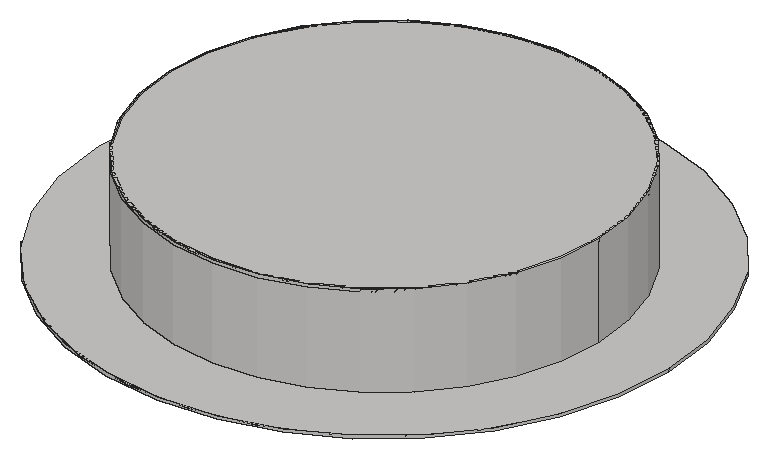
Revit family "Cover_Downspout-Zurn-Z199-DC", category Plumbing Fixtures, host Face, Revit 2022
Family settings
  Host = Face
  Round Connector Dimension = Use Diameter
  Part Type = Normal
  OmniClass Number = 23.45.55.21
  OmniClass Title = Drains (Wastes)
  Cut with Voids When Loaded = No
  Maintain Annotation Orientation = No
  Shared = No
  Room Calculation Point = No
Parameters (values of type "Load Family Type catalog")
  Waste Connection = yes
  Vent Connection = no
  URL = "www.zurn.com"
  Type Comments = "10 Inch Pipe Size"
  Product data url = "https://bimobject.com/zurnindustries/product/zurn-z199-dc"
  Product Page URL = "http://www.zurn.com/products/building-drainage/roof-drains/downspouts/z199-dc"
  Product Installation Sheet URL = "https://www.zurn.com/media-library/web_documents/pdfs/installation/rd47-pdf"
  Product Documentation Link = "https://www.zurn.com/media-library/web_documents/pdfs/specsheets/67382-pdf"
  Pipe Outlet Diameter = 0' - 10"
  Modified Date = "12/20/24"  # constant formula
  Model = "Z199-DC"  # constant formula
  Material secondary = ""
  Material main = "Stainless steel"
  Manufacurer Brand = "Zurn"  # constant formula
  Manufacturer = "Zurn Industries, LLC"  # constant formula
  HW Connection = no
  Frame = Steel - Zurn Industries, LLC - Stainless Type 304
  Description = "Downspout Cover"  # constant formula
  Default Elevation = 0' - 0"
  Date Created = "12/20/24"  # constant formula
  Cover OD = C Dimension + 0' 0.075"  # 0' - 11.325"
  D Dimension = 1' - 3"
  Flange ID = 0' - 11 1/4"
  C Dimension = 0' - 11 1/4"
  Cover = Steel - Zurn Industries, LLC - Stainless Type 304
  CW Connection = no
  Assembly Code = "D2040300"
Reference planes (in)
  plane 1 "Center (Front/Back)": y = 0
  plane 2: z = 0
  plane 3 "Center (Left/Right)": x = 0
  plane 4: x = -7.5
  plane 5: x = 7.5
  plane 6: y = 7.5
  plane 7: y = -7.5
  plane 8: z = 0.0747
  plane 9: y = 5.6625
  plane 10: y = -5.6625
  plane 11: x = -5.6625
  plane 12: x = 5.6625
  plane 13: z = 2.5
  plane 14: z = 2.4253
Forms (in)
  Extrusion 1, solid, material "Steel - Zurn Industries, LLC - Stainless Type 304" <- "Frame", detail levels fine
    sketch origin (0, 0, 0) x (1, 0, 0) y (0, 1, 0)
      loop
        circle (0, 0) r 7.5
      loop
        circle (0, 0) r 5.625
    from 0 to 0.0747
  Extrusion 2, solid, material "Steel - Zurn Industries, LLC - Stainless Type 304" <- "Frame", detail levels fine
    sketch origin (0, 0, 0) x (1, 0, 0) y (0, 1, 0)
      loop
        circle (0, 0) r 5.6625
      loop
        circle (0, 0) r 5.625
    from 0 to 2.5
  Extrusion 3, solid, material "Steel - Zurn Industries, LLC - Stainless Type 304" <- "Cover", detail levels fine
    sketch origin (0, 0, 0) x (1, 0, 0) y (0, 1, 0)
      loop
        circle (0, 0) r 5.6625
    from 2.4253 to 2.5
Lines and regions (in)
  Masking region 1, detail levels coarse+medium
    outline origin (13.97864, -180, 2.5) x (0, -1, 0) y (1, 0, 0)
      loop
        circle (-180, -13.97864) r 7.5
  symbolic lines, detail levels coarse+medium
    curve 1: circle (0, 0, 0) r 7.5 normal (0, 0, 1)
    curve 2: circle (0, 0, 0) r 5.6625 normal (0, 0, 1)
    curve 6: line (5.6625, 0, 2.5) -> (-5.6625, 0, 2.5)
    curve 7: line (7.5, 0, 0) -> (-7.5, 0, 0)
    curve 8: line (0, 0, 2.5) -> (0, 0, 0)
    curve 9: line (0, 5.6625, 2.5) -> (0, -5.6625, 2.5)
    curve 10: line (0, 7.5, 0) -> (0, -7.5, 0)
    curve 11: line (0, 0, 2.5) -> (0, 0, 0)
    curve 12: arc (5.6625, 0, 2.5) -> (0, 5.6625, 2.5) -> (-5.6625, 0, 2.5) r 5.6625
    curve 13: arc (-5.6625, 0, 2.5) -> (0, -5.6625, 2.5) -> (5.6625, 0, 2.5) r 5.6625
  model lines, detail levels coarse+medium
    curve 3: line (0, 5.6625, 2.5) -> (0, -5.6625, 2.5)
    curve 4: line (0, 0, 2.5) -> (0, 0, 0)
    curve 5: line (0, 7.5, 0) -> (0, -7.5, 0)
Dimensions and locks (in)
  equal spacing: plane 4, plane 3 "Center (Left/Right)", plane 5
  "D Dimension": plane 4 to plane 5
  equal spacing: plane 6, plane 1 "Center (Front/Back)", plane 7
  "D Dimension": plane 6 to plane 7
  locked: plane 8 to plane 2 at 0.0747
  equal spacing: plane 11, plane 3 "Center (Left/Right)", plane 12
  "Cover OD": plane 11 to plane 12
  equal spacing: plane 9, plane 1 "Center (Front/Back)", plane 10
  "Cover OD": plane 9 to plane 10
  locked: plane 13 to plane 2 at 2.5
  locked: plane 13 to plane 14 at 0.0747
  "D Dimension": diameter of Extrusion 1 sketch curve
  "Flange ID": diameter of Extrusion 1 sketch curve
  "Cover OD": diameter of Extrusion 2 sketch curve
  "C Dimension": diameter of Extrusion 2 sketch curve
  "Cover OD": diameter of Extrusion 3 sketch curve
  "D Dimension": diameter of curve 1
  "Cover OD": diameter of curve 2
  aligned and locked: plane 2 to host face
  aligned and locked: level to host face
  aligned and locked: plane 1 "Center (Front/Back)" to Extrusion 1 sketch curve  (x2)
  aligned and locked: plane 3 "Center (Left/Right)" to Extrusion 1 sketch curve  (x2)
  aligned and locked: Extrusion 1 to plane 2
  aligned and locked: plane 8 to Extrusion 1
  aligned and locked: plane 1 "Center (Front/Back)" to Extrusion 2 sketch curve  (x2)
  aligned and locked: plane 3 "Center (Left/Right)" to Extrusion 2 sketch curve  (x2)
  aligned and locked: Extrusion 2 to plane 13
  aligned and locked: plane 1 "Center (Front/Back)" to Extrusion 3 sketch curve
  aligned and locked: plane 3 "Center (Left/Right)" to Extrusion 3 sketch curve
  aligned and locked: plane 14 to Extrusion 3
  aligned and locked: Extrusion 3 to plane 13
  aligned and locked: plane 1 "Center (Front/Back)" to curve 1
  aligned and locked: plane 3 "Center (Left/Right)" to curve 1
  aligned and locked: plane 1 "Center (Front/Back)" to curve 2
  aligned and locked: plane 3 "Center (Left/Right)" to curve 2
  aligned and locked: plane 9 to curve 3
  aligned and locked: plane 10 to curve 3
  aligned and locked: plane 13 to curve 3
  aligned and locked: host face to curve 4
  aligned and locked: plane 13 to curve 4
  aligned and locked: curve 4 to plane 1 "Center (Front/Back)"
  aligned and locked: plane 6 to curve 5
  aligned and locked: plane 7 to curve 5
  aligned and locked: curve 5 to host face
  aligned and locked: plane 12 to curve 6
  aligned and locked: plane 11 to curve 6
  aligned and locked: plane 13 to curve 6
  aligned and locked: plane 5 to curve 7
  aligned and locked: plane 4 to curve 7
  aligned and locked: curve 7 to host face
  aligned and locked: host face to curve 8
  aligned and locked: plane 13 to curve 8
  aligned and locked: plane 3 "Center (Left/Right)" to curve 8
  aligned and locked: plane 9 to curve 9
  aligned and locked: plane 10 to curve 9
  aligned and locked: plane 13 to curve 9
  aligned and locked: plane 6 to curve 10
  aligned and locked: plane 7 to curve 10
  aligned and locked: curve 10 to host face
  aligned and locked: host face to curve 11
  aligned and locked: curve 11 to plane 1 "Center (Front/Back)"
  aligned and locked: Masking region 1 sketch curve to Extrusion 1
  aligned and locked: curve 13 to Extrusion 3
Automatic sketch dimensions
  host sketch curve to host sketch curve = 8' - 0"  (x2)
  curve 7 to level = 0' - 0"
  plane 1 "Center (Front/Back)" to Masking region 1 sketch curve = 0' - 0"  (x2)
  plane 1 "Center (Front/Back)" to curve 12 = 0' - 0"  (x2)
Connectors (in)
  piping at (0, 0, 0), diameter 10, driven by "Waste Connection", driven by "Pipe Outlet Diameter"
    settings: on Extrusion 1, index 1, connector inside diameter 24", connector length 0' - 0", flow factor 0, pipe flow 0 GPM, pressure drop 0.00 psi, fitting loss kfactor 0, connector angle 0.00°, fixture units 0, engagement length 0' - 0", angle of deflection 0.00°, flow configuration 0, flow direction 2, fitting loss method 0, system type 16, joint type 0, gender type 0, connector reference index -1, connector utility 1, adjustable connector no, is connector primary yes, connector description "Outlet"
Types in the file's own list only (7): name | Pipe Outlet Diameter | Cover OD | D Dimension | Flange ID | C Dimension
  10 Inch Pipe Size | 0' - 10" | 0' - 11 21/64" | 1' - 3" | 0' - 11 1/4" | 0' - 11 1/4"
  12 Inch Pipe Size | 1' - 0" | 1' - 1 21/64" | 1' - 5" | 1' - 1 1/4" | 1' - 1 1/4"
  15 Inch Pipe Size | 1' - 3" | 1' - 4 29/64" | 1' - 8 1/8" | 1' - 4 3/8" | 1' - 4 3/8"
  3 Inch Pipe Size | 0' - 3" | 0' - 4 13/64" | 0' - 7 7/8" | 0' - 4 1/8" | 0' - 4 1/8"
  4 Inch Pipe Size | 0' - 4" | 0' - 5 5/64" | 0' - 8 3/4" | 0' - 5" | 0' - 5"
  6 Inch Pipe Size | 0' - 6" | 0' - 7 13/64" | 0' - 10 7/8" | 0' - 7 1/8" | 0' - 7 1/8"
  8 Inch Pipe Size | 0' - 8" | 0' - 9 13/64" | 1' - 0 7/8" | 0' - 9 1/8" | 0' - 9 1/8"
